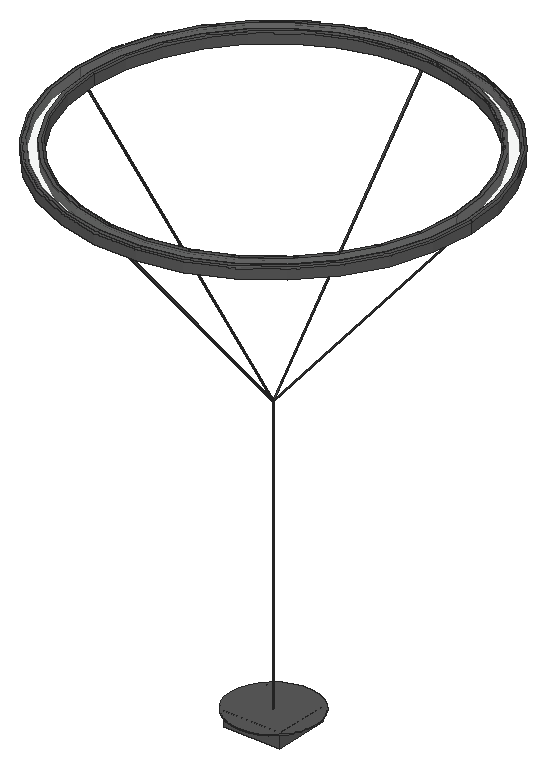
Revit family "Lighting_Round_LED_StarTek_Halo-Direct-Indirect1", category Lighting Fixtures, host Face, Revit 2020
Family settings
  Host = Face
  Round Connector Dimension = Use Diameter
  Part Type = Normal
  OmniClass Number = 23.80.70.11
  OmniClass Title = Luminaries for Internal Lighting
  Cut with Voids When Loaded = No
  Light Source = Yes
  Shared = No
  Room Calculation Point = No
Parameters (values of type "Default - please load Revit Family Type Catalog")
  Weight = 0.00 lbf
  Wattage Comments = "Efficacy up to 120 lm/W"
  Wattage = 115.942 W
  Voltage Range = "120-277V"  # constant formula
  built-in parameter 1150110 = 1 (stored number, unit not read)
  Voltage = 120 V
  URL = "https://starteklightingamerica.com/"
  Type Comments = ""
  built-in parameter 1114217 = 1 (stored number, unit not read)
  Tilt Angle = 90.00°  # constant formula
  built-in parameter 1150109 = 1 (stored number, unit not read)
  built-in parameter 1150134 = (empty or 0)
  built-in parameter 1150113 = 1 (stored number, unit not read)
  Product data url = "https://bimobject.com/startek-lighting/product/halo-direct-indirect"
  Product Material [instance] = StarTek Lighting - Aluminum - Powder Coat Black
  Power Factor = 0.93
  Photometric Web File = "Generic Light Source Shown : Please download and link the IES file that best matches your fixture specification"
  Photometric Note = "Import IES files https://starteklightingamerica.com/"  # constant formula
  Phase = 1
  Output = "High"
  Number of Poles = 1
  Mounting [instance] = Cord Mounting : PCx (Powered Canopy)
  Mount Finish Note [instance] = "Canopies can be ordered in White (W) or Black (B)"  # constant formula
  Mount Finish [instance] = StarTek Lighting - Aluminum - Powder Coat Black
  Model = ""
  Min Cord/Rod Length [instance] = Diameter / sqrt(3) + 0' 1"  # 2' - 4.71281"
  Max Cord/Rod Length [instance] = 5' - 0"  # constant formula
  Manufacturer = "StarTek Lighting"  # constant formula
  MEP distance [instance] = 0' - 0"  # constant formula
  Input Wattage = 24.1 W
  Emit from Circle Diameter = Diameter  # 4' - 0"
  Distribution = "SD - SatinIce Diffuse"
  Diameter = 4' - 0"
  Cord/Rod Length [instance] = 5' - 0"
  Cord distance [instance] = if([2' Fixtures], 1' 10", if([3' Fixtures], 2' 10", 3' 10"))  # 3' - 10"
  built-in parameter 1150105 = 1273.2 (stored number, unit not read)
  Lumens = 16000 lm
  built-in parameter 1150115 = 1 (stored number, unit not read)
  built-in parameter 1150137 = (empty or 0)
  built-in parameter 1150139 = (empty or 0)
  built-in parameter 1150112 = 1 (stored number, unit not read)
  built-in parameter 1150114 = 1 (stored number, unit not read)
  Lamp = "LED"  # constant formula
  Keynote = "16500"
  built-in parameter 1150132 = 2
  built-in parameter 1150102 = (empty or 0)
  built-in parameter 1150107 = 3000 (stored number, unit not read)
  built-in parameter 1150138 = (empty or 0)
  built-in parameter 1150106 = 12.732 (stored number, unit not read)
  Height = 0' - 1 87/256"  # constant formula
  Frequency = 0 Hz
  Description = "Halo Direct/Indirect"  # constant formula
  Emit Shape Visible in Rendering = 2 < 1  # no
  built-in parameter 1150104 = 12.821 (stored number, unit not read)
  Dimming Lamp Color Temperature Shift = <None>
  Default Elevation = 4' - 0"
  Cord/rod length parameter [instance] = if([Cord/Rod Length] < [Min Cord/Rod Length], [Min Cord/Rod Length], if([Cord/Rod Length] > [Max Cord/Rod Length], [Max Cord/Rod Length], [Cord/Rod Length]))  # 5' - 0"
  Color Filter = 16777215
  Color [instance] = "Available options: Powder coat white (PW), Powder coat black (PB), Powder coat silver (PS), Powder coat bronze (PBR), Powder coat other (PO)"  # constant formula
  CRI = "80"
  built-in parameter 1114218 = 1 (stored number, unit not read)
  built-in parameter 1150133 = 10 (stored number, unit not read)
  Assembly Code = "D5020200"
  Apparent Load = Input Wattage / (Number of Poles * Power Factor)  # 25.914 VA
  4' Fixtures = not(or([2' Fixtures], [3' Fixtures]))  # yes
  3' Fixtures = Diameter = 3' 0"  # no
  2' Fixtures = Diameter = 2' 0"  # no
  ****Power Options = "This fixture has direct fixture power or remote power.  PCX - Powered Canopy. RSMX - Remote Surface Mount or RIWX - Remote in Wall. Available in White (W) or Black (B)."  # constant formula
Reference planes (in)
  plane 1 "Center (Front/Back)": y = 0
  plane 2: z = 0
  plane 3 "Center (Left/Right)": x = 0
  plane 4: z = 60
  plane 5: y = 1.5
  plane 6: y = -1.5
  plane 7: z = 0.5
  plane 8: x = 2
  plane 9: x = -2
  plane 10: y = -2
  plane 11: y = 2
  plane 12: x = 0
Forms (in)
  Extrusion 1, solid, not visible
    sketch origin (3.75, 0, -0.03147) x (1, 0, 0) y (0, 0, 1)
      loop
        line (-3.78147, 0.03147) -> (-3.78147, -0.03147) -> (-3.71853, -0.03147) -> (-3.71853, 0.03147) -> (-3.78147, 0.03147)
    from -0.01298 to 0.01043
Lines and regions (in)
  Masking region 1
    outline origin (0, 0, 0) x (1, 0, 0) y (0, 1, 0)
      loop
        circle (0, 0) r 4
Dimensions and locks (in)
  locked: plane 4 to imposter light at 2.31677
  "Cord/rod length parameter": plane 4 to plane 2
  Extrusion 1 sketch curve to level to Extrusion 1 sketch curve = 0' - 0", 0' - 0.06295"
  Extrusion 1 to plane 1 "Center (Front/Back)" to Extrusion 1 = 0' - 0.01298" locked, 0' - 0.01043" locked
  equal spacing: plane 5, plane 1 "Center (Front/Back)", plane 6
  locked: plane 5 to plane 1 "Center (Front/Back)" at 1.5
  plane 7 to plane 2 = 0' - 0 1/2"
  plane 8 to plane 3 "Center (Left/Right)" to plane 9 = 0' - 2" locked, 0' - 2" locked
  plane 11 to plane 1 "Center (Front/Back)" to plane 10 = 0' - 2" locked, 0' - 2" locked
  "MEP distance": plane 3 "Center (Left/Right)" to plane 12
  Extrusion 1 to plane 12 to Extrusion 1 = 0' - 0.03147" locked, 0' - 0.03147" locked
  aligned and locked: plane 2 to host face
  aligned and locked: level to host face
  aligned and locked: plane 4 to nested 2
  aligned and locked: nested 2 to plane 1 "Center (Front/Back)"
  aligned and locked: plane 3 "Center (Left/Right)" to nested 1
  aligned and locked: plane 1 "Center (Front/Back)" to nested 1
  aligned and locked: plane 12 to nested 2
Automatic sketch dimensions
  host sketch curve to host sketch curve = 8' - 0"  (x2)
  Extrusion 1 sketch curve to plane 3 "Center (Left/Right)" = 0' - 0.03147"
  plane 3 "Center (Left/Right)" to Extrusion 1 sketch curve = 0' - 0.03147"
  plane 1 "Center (Front/Back)" to Masking region 1 sketch curve = 0' - 0"
  Masking region 1 sketch curve to plane 3 "Center (Left/Right)" = 0' - 0"
  radius of Masking region 1 sketch curve = 0' - 4"
Nested families (in)
  nested 1: "Cord Mounting" at (0, 0, 0), type <- "Mounting", type "PCx (Powered Canopy)"
    with Cord material StarTek Lighting - Aluminum - Powder Coat Black, Cord length control 5' - 0", Cord length 5' - 0"
  nested 2: "Halo" at (0, 0, 60) x (-1, 0, 0) z (0, 0, 1), Lamp Finish <- "Product Material", type "Default"
    with Lamp Finish StarTek Lighting - Aluminum - Powder Coat Black, 4' Fixtures no
Connectors (in)
  electrical at (0, 0.00127, 0), driven by "Number of Poles", driven by "Voltage", driven by "Apparent Load", driven by "Power Factor", driven by "Apparent Load"
    settings: on Extrusion 1, index 1, voltage 120 V, apparent load 25.914 VA, apparent load phase1 25.914 VA, apparent load phase2 0 VA, apparent load phase3 0 VA, power factor 0.93, load classification "Other", number of poles 1, system type 30, power factor state 1, is connector primary yes, connector utility no, sub classification motor no, connector description "Power supply"
Definition of nested family "Cord Mounting"
  Parameters (values of type "RSMx ( Remote Surface Mount with Canopy)")
    notPC = not(PC)  # yes
    PC = no
    Mount Material = none
    H = D / sqrt(3)  # 2' - 2.55811"
    Default Elevation = 4' - 0"
    D = 3' - 10"
    Cord material [instance] = none
    MAX cord length = 5' - 0"
    Cord length control [instance] = if(Cord length < 0' 2 1/2", 0' 2 1/2", Cord length)  # 5' - 0"
    Cord length = 5' - 0"
  Types (3): name | notPC | PC | Cord length control | Cord length
    PCx (Powered Canopy) | no | yes | 3' - 0" | 3' - 0"
    RSMx ( Remote Surface Mount with Canopy) | yes | no | 5' - 0" | 5' - 0"
    RIWx ( Remote In-wall with Canopy) | yes | no | 5' - 0" | 5' - 0"
  Reference planes (in)
    plane 1 "Center (Front/Back)": y = 0
    plane 2: z = 0
    plane 3 "Center (Left/Right)": x = 0
    plane 4 "canopy plane": z = 60
    plane 5: x = 23
    plane 6: x = -23
    plane 7: y = -23
    plane 8: y = 23
    plane 9: through (161.22035, -93.3381, 44.96202) normal (0.7071, 0.7071, 0)
    plane 10: through (128.69343, -125.86501, 44.96202) normal (0.7071, 0.7071, 0)
    plane 11: through (33.94113, -33.94113, 45.45949) normal (0.7071, -0.7071, 0)
    plane 12: through (1.41421, -1.41421, 45.45949) normal (0.7071, -0.7071, 0)
    plane 13 "x": through (143.809, -108.45366, 44.96202) normal (0.7071, 0.7071, 0)
    plane 14 "y": through (17.67767, -17.67767, 45.45949) normal (0.7071, -0.7071, 0)
    plane 15: y = 3.25
    plane 16: y = -3.25
    plane 17: z = 0.0478
  Forms (in)
    Extrusion 1, solid, material <- "Mount Material", visible <- "notPC"
      sketch origin (0, 0, 0) x (-1, 0, 0) y (0, -1, 0)
        loop
          circle (0, 0) r 2.5
      from 0 to 0.285
    Extrusion 2, solid, material <- "Cord material", not visible
      sketch origin (0, 0, 36) x (-1, 0, 0) y (0, -1, 0)
        loop
          circle (0, 0) r 2.5
      from 0 to -0.19141
    Extrusion 3, solid, material <- "Mount Material", visible <- "PC"
      sketch origin (0, 0, 0) x (1, 0, 0) y (0, 0, 1)
        loop
          line (-3.3478, -1.675) -> (3.3478, -1.675) -> (3.3478, 0) -> (-3.3478, 0) -> (-3.3478, -1.675)
      from 3.25 to -3.25
    Extrusion 4, solid, material <- "Mount Material", visible <- "PC"
      sketch origin (0, 0, 36) x (-1, 0, 0) y (0, -1, 0)
        loop
          circle (0, 0) r 5.125
      from -35.9522 to -36
  Dimensions and locks (in)
    "Cord length control": plane 4 "canopy plane" to plane 2
    equal spacing: plane 5, plane 3 "Center (Left/Right)", plane 6
    "D": plane 5 to plane 6
    equal spacing: plane 8, plane 1 "Center (Front/Back)", plane 7
    "D": plane 8 to plane 7
    equal spacing: plane 9, plane 13 "x", plane 10
    equal spacing: plane 12, plane 14 "y", plane 11
    "D": plane 9 to plane 10
    "D": plane 12 to plane 11
    equal spacing: plane 15, plane 1 "Center (Front/Back)", plane 16
    plane 15 to plane 16 = 0' - 6 1/2"
    locked: plane 17 to level at 0.0478
    aligned and locked: plane 2 to level
    aligned and locked: plane 3 "Center (Left/Right)" to nested 1
    aligned and locked: plane 1 "Center (Front/Back)" to nested 1
    aligned and locked: Extrusion 1 to level
    aligned and locked: Extrusion 4 to level
  Automatic sketch dimensions
    plane 1 "Center (Front/Back)" to Extrusion 1 sketch curve = 0' - 0"
    Extrusion 1 sketch curve to plane 3 "Center (Left/Right)" = 0' - 0"
    Extrusion 3 sketch curve to level = 0' - 0"
    Extrusion 3 sketch curve to plane 3 "Center (Left/Right)" = 0' - 3.3478"
    plane 3 "Center (Left/Right)" to Extrusion 3 sketch curve = 0' - 3.3478"
    Extrusion 3 sketch curve to Extrusion 3 sketch curve = 0' - 1.675"
    plane 1 "Center (Front/Back)" to Extrusion 4 sketch curve = 0' - 0"
    Extrusion 4 sketch curve to plane 3 "Center (Left/Right)" = 0' - 0"
    radius of Extrusion 2 sketch curve = 0' - 2 1/2"
    radius of Extrusion 1 sketch curve = 0' - 2 1/2"
    radius of Extrusion 4 sketch curve = 0' - 5 1/8"
  Nested families (in)
    nested 1: "Cord/rod Nest" at (0, 0, 0), Cord length <- "Cord length control", Cord material <- "Cord material", type "Cord"
      with Cord material none, Cord length control 5' - 0", Cord length 5' - 0", H 2' - 2.55811", D 3' - 10"
  Definition of nested family "Cord/rod Nest"
    Parameters (values of type "Cord")
      TM = no
      H = 1' - 7.62991"
      Default Elevation = 4' - 0"
      D = 2' - 10"
      Cord material [instance] = none
      MAX cord length = 5' - 0"
      Cord length control [instance] = if(Cord length < 0' 2 1/2", 0' 2 1/2", Cord length)  # 3' - 0"
      Cord length [instance] = 3' - 0"
      Canopy = no
    Types (9): name | H | D | MAX cord length | Cord length control | Cord length | Canopy
      ACW05-White 5' | 1' - 0" | 8' - 0" | 5' - 0" | 3' - 0" | 3' - 0" | yes
      ACW10-White 10' | 1' - 0" | 8' - 0" | 10' - 0" | 3' - 0" | 3' - 0" | yes
      ACB05-Black 5' | 1' - 0" | 8' - 0" | 5' - 0" | 3' - 0" | 3' - 0" | yes
      ACB10-Black 10' | 1' - 0" | 8' - 0" | 10' - 0" | 3' - 0" | 3' - 0" | yes
      APW05-White 5' | 1' - 0" | 8' - 0" | 5' - 0" | 3' - 0" | 3' - 0" | yes
      APW10-White 10' | 1' - 0" | 8' - 0" | 10' - 0" | 3' - 0" | 3' - 0" | yes
      APB05-Black 5' | 1' - 0" | 8' - 0" | 5' - 0" | 6' - 0" | 6' - 0" | yes
      APB10-Black 10' | 1' - 0" | 8' - 0" | 10' - 0" | 3' - 0" | 3' - 0" | yes
      Cord | 1' - 7.62991" | 2' - 10" | 5' - 0" | 3' - 0" | 3' - 0" | no
    Reference planes (in)
      plane 1 "Center (Front/Back)": y = 0
      plane 2: z = 0
      plane 3 "Center (Left/Right)": x = 0
      plane 4 "canopy plane": z = 36
      plane 5: z = 16.37009
      plane 6: x = 17
      plane 7: x = -17
      plane 8: y = -17
      plane 9: y = 17
      plane 10 "x": through (-48, 48, 48) normal (0.7071, 0.7071, 0)
      plane 11 "y": through (48, 48, 48) normal (0.7071, -0.7071, 0)
      plane 12: through (-35.97918, 60.02082, 48) normal (0.7071, 0.7071, 0)
      plane 13: through (-60.02082, 35.97918, 48) normal (0.7071, 0.7071, 0)
      plane 14: through (35.97918, 60.02082, 48) normal (0.7071, -0.7071, 0)
      plane 15: through (60.02082, 35.97918, 48) normal (0.7071, -0.7071, 0)
    Forms (in)
      Extrusion 1, solid, material <- "Cord material"
        sketch origin (0, 0, 0) x (1, 0, 0) y (0, 1, 0)
          loop
            circle (0, 0) r 0.09375
        from 0 to 16.37009
      Extrusion 2, solid, material <- "Cord material", visible <- "Canopy", not visible
        sketch origin (0, 0, 36) x (-1, 0, 0) y (0, -1, 0)
          loop
            circle (0, 0) r 2.5
        from 0 to -0.19141
      Sweep 3, solid, material <- "Cord material"
        path origin (0, 0, 0) x (1, 0, 0) y (0, 0, 1)
          loop
            line (0, 16.37009) -> (17, 36)
        profile origin (8.5, 0, 26.18505) x (-0.755929, 0, 0.654654) y (0, -1, 0)
          loop
            spline (0.0701, 0) -> (0.06771, 0.02426) -> (0.0607, 0.04687) -> (0.04956, 0.06629) -> (0.03505, 0.08119) -> (0.01814, 0.09056) -> (0, 0.09375) -> (-0.01814, 0.09056) -> (-0.03505, 0.08119) -> (-0.04956, 0.06629) -> (-0.0607, 0.04688) -> (-0.06771, 0.02426) -> (-0.0701, 0)
            spline (-0.0701, 0) -> (-0.06771, -0.02426) -> (-0.0607, -0.04687) -> (-0.04956, -0.06629) -> (-0.03505, -0.08119) -> (-0.01814, -0.09056) -> (0, -0.09375) -> (0.01814, -0.09056) -> (0.03505, -0.08119) -> (0.04956, -0.06629) -> (0.0607, -0.04688) -> (0.06771, -0.02426) -> (0.0701, 0)
      Sweep 4, solid, material <- "Cord material"
        path origin (0, 0, 0) x (1, 0, 0) y (0, 0, 1)
          loop
            line (0, 16.37009) -> (-17, 36)
        profile origin (-8.5, 0, 26.18505) x (-0.755929, 0, -0.654654) y (0, -1, 0)
          loop
            spline (0.0701, 0) -> (0.06771, 0.02426) -> (0.0607, 0.04687) -> (0.04956, 0.06629) -> (0.03505, 0.08119) -> (0.01814, 0.09056) -> (0, 0.09375) -> (-0.01814, 0.09056) -> (-0.03505, 0.08119) -> (-0.04956, 0.06629) -> (-0.0607, 0.04688) -> (-0.06771, 0.02426) -> (-0.0701, 0)
            spline (-0.0701, 0) -> (-0.06771, -0.02426) -> (-0.0607, -0.04687) -> (-0.04956, -0.06629) -> (-0.03505, -0.08119) -> (-0.01814, -0.09056) -> (0, -0.09375) -> (0.01814, -0.09056) -> (0.03505, -0.08119) -> (0.04956, -0.06629) -> (0.0607, -0.04688) -> (0.06771, -0.02426) -> (0.0701, 0)
      Sweep 5, solid, material <- "Cord material"
        path origin (0, 0, 0) x (0, 1, 0) y (0, 0, 1)
          loop
            line (-17, 36) -> (0, 16.37009)
        profile origin (0, -8.5, 26.18505) x (0, 0.755929, 0.654654) y (1, 0, 0)
          loop
            spline (0, 0.09375) -> (-0.01814, 0.09056) -> (-0.03505, 0.08119) -> (-0.04956, 0.06629) -> (-0.0607, 0.04687) -> (-0.06771, 0.02426) -> (-0.0701, 0) -> (-0.06771, -0.02426) -> (-0.0607, -0.04688) -> (-0.04956, -0.06629) -> (-0.03505, -0.08119) -> (-0.01814, -0.09056) -> (0, -0.09375)
            spline (0, -0.09375) -> (0.01814, -0.09056) -> (0.03505, -0.08119) -> (0.04956, -0.06629) -> (0.0607, -0.04687) -> (0.06771, -0.02426) -> (0.0701, 0) -> (0.06771, 0.02426) -> (0.0607, 0.04688) -> (0.04956, 0.06629) -> (0.03505, 0.08119) -> (0.01814, 0.09056) -> (0, 0.09375)
      Sweep 6, solid, material <- "Cord material"
        path origin (0, 0, 0) x (0, 1, 0) y (0, 0, 1)
          loop
            line (0, 16.37009) -> (17, 36)
        profile origin (0, 8.5, 26.18505) x (0, -0.755929, 0.654654) y (1, 0, 0)
          loop
            spline (0, 0.09375) -> (-0.01814, 0.09056) -> (-0.03505, 0.08119) -> (-0.04956, 0.06629) -> (-0.0607, 0.04688) -> (-0.06771, 0.02426) -> (-0.0701, 0) -> (-0.06771, -0.02426) -> (-0.0607, -0.04687) -> (-0.04956, -0.06629) -> (-0.03505, -0.08119) -> (-0.01814, -0.09056) -> (0, -0.09375)
            spline (0, -0.09375) -> (0.01814, -0.09056) -> (0.03505, -0.08119) -> (0.04956, -0.06629) -> (0.0607, -0.04688) -> (0.06771, -0.02426) -> (0.0701, 0) -> (0.06771, 0.02426) -> (0.0607, 0.04687) -> (0.04956, 0.06629) -> (0.03505, 0.08119) -> (0.01814, 0.09056) -> (0, 0.09375)
    Dimensions and locks (in)
      "Cord length control": plane 4 "canopy plane" to plane 2
      "H": plane 4 "canopy plane" to plane 5
      equal spacing: plane 6, plane 3 "Center (Left/Right)", plane 7
      "D": plane 6 to plane 7
      equal spacing: plane 9, plane 1 "Center (Front/Back)", plane 8
      "D": plane 9 to plane 8
      equal spacing: plane 12, plane 10 "x", plane 13
      "D": plane 12 to plane 13
      equal spacing: plane 14, plane 11 "y", plane 15
      "D": plane 15 to plane 14
      aligned and locked: plane 2 to level
      aligned and locked: Extrusion 1 to plane 5
      aligned and locked: plane 4 "canopy plane" to Sweep 3 sketch curve
      aligned and locked: plane 6 to Sweep 3 sketch curve
      aligned and locked: plane 5 to Sweep 3 sketch curve
      aligned and locked: plane 3 "Center (Left/Right)" to Sweep 3 sketch curve
      aligned and locked: plane 4 "canopy plane" to Sweep 4 sketch curve
      aligned and locked: plane 7 to Sweep 4 sketch curve
      aligned and locked: plane 5 to Sweep 4 sketch curve
      aligned and locked: plane 3 "Center (Left/Right)" to Sweep 4 sketch curve
      aligned and locked: plane 5 to Sweep 5 sketch curve
      aligned and locked: plane 1 "Center (Front/Back)" to Sweep 5 sketch curve
      aligned and locked: plane 4 "canopy plane" to Sweep 5 sketch curve
      aligned and locked: plane 8 to Sweep 5 sketch curve
      aligned and locked: plane 4 "canopy plane" to Sweep 6 sketch curve
      aligned and locked: plane 9 to Sweep 6 sketch curve
      aligned and locked: plane 5 to Sweep 6 sketch curve
      aligned and locked: plane 1 "Center (Front/Back)" to Sweep 6 sketch curve
    Automatic sketch dimensions
      plane 1 "Center (Front/Back)" to Extrusion 1 sketch curve = 0' - 0"
      Extrusion 1 sketch curve to plane 3 "Center (Left/Right)" = 0' - 0"
      plane 1 "Center (Front/Back)" to Sweep 3 sketch curve = 0' - 0"
      Sweep 3 sketch curve to profile plane = 0' - 0"
      profile plane to Sweep 3 sketch curve = 0' - 0.0701"
      Sweep 3 sketch curve to plane 1 "Center (Front/Back)" = 0' - 0 3/32"
      Sweep 3 sketch curve to Sweep 3 sketch curve = 0' - 0"
      plane 1 "Center (Front/Back)" to Sweep 4 sketch curve = 0' - 0"
      Sweep 4 sketch curve to profile plane = 0' - 0"
      profile plane to Sweep 4 sketch curve = 0' - 0.0701"
      plane 1 "Center (Front/Back)" to Sweep 4 sketch curve = 0' - 0 3/32"
      Sweep 4 sketch curve to Sweep 4 sketch curve = 0' - 0"
      Sweep 5 sketch curve to profile plane = 0' - 0"
      Sweep 5 sketch curve to plane 3 "Center (Left/Right)" = 0' - 0"
      Sweep 5 sketch curve to plane 3 "Center (Left/Right)" = 0' - 0 3/32"
      Sweep 6 sketch curve to profile plane = 0' - 0"
      Sweep 6 sketch curve to plane 3 "Center (Left/Right)" = 0' - 0"
      Sweep 6 sketch curve to plane 3 "Center (Left/Right)" = 0' - 0 3/32"
      radius of Extrusion 1 sketch curve = 0' - 0 3/32"
      radius of Extrusion 2 sketch curve = 0' - 2 1/2"
Definition of nested family "Halo"
  Parameters (values of type "Default")
    URL = "https://starteklightingamerica.com/"
    Model = "Halo Direct"
    Manufacturer = "StarTek Lighting"
    Lens Finish = none
    Lamp Finish [instance] = none
    Keynote = ""
    Height = 0' - 0"
    Diameter = if([2' Fixtures], 2' 0", if([3' Fixtures], 3' 0", 4' 0"))  # 4' - 0"
    Description = "2’, 3’ and 4’ diameter fixtures available\r\nEfficacy up to 120 lm/W\r\nSoft diffuse direct lighting\r\nPowder coat finishes available in white, black and silver\r\nProprietary optical band provides seamless light the entire length of the lens\r\nCustom colors available upon request*\r\nApproved for dry and damp locations\r\n0-10v dimming is standard\r\nDim to 1% of output current\r\nAvailable in 120v or 277v"
    Assembly Code = ""
    4' Fixtures = yes
    3' Fixtures = no
    2' Fixtures = no
  Reference planes (in)
    plane 1 "Light Source Axis (F/B)": y = 0
    plane 2 "Ceiling": z = 0
    plane 3 "Light Source Axis (L/R)": x = 0
    plane 4 "Light Source Elevation": z = 0
  Forms (in)
    Sweep 1, solid, material <- "Lamp Finish", detail levels coarse
      path origin (0, 0, 0) x (1, 0, 0) y (0, 1, 0)
        loop
          circle (0, 0) r 24
      profile origin (0, 24, 0) x (0, -1, 0) y (0, 0, 1)
        loop
          line (0, 0) -> (2.26, 0) -> (2.26, 1.34) -> (0, 1.34) -> (0, 0)
    Sweep 2, solid, material <- "Lamp Finish", detail levels medium+fine
      path origin (0, 0, 0) x (1, 0, 0) y (0, 1, 0)
        loop
          circle (0, 0) r 24
      profile origin (0, 24, 0) x (0, -1, 0) y (0, 0, 1)
        loop
          line (0, 1.19) -> (0, 0) -> (0.1, 0) -> (0.1, 0.3) -> (0.53, 0.3) -> (0.53, 1.34) -> (0.15, 1.34)
          arc (0.15, 1.34) -> (0.04393, 1.29607) -> (0, 1.19) r 0.15
        loop
          line (2.26, 0) -> (2.26, 1.19)
          arc (2.26, 1.19) -> (2.21607, 1.29607) -> (2.11, 1.34) r 0.15
          line (2.11, 1.34) -> (1.73, 1.34) -> (1.73, 0.3) -> (2.16, 0.3) -> (2.16, 0) -> (2.26, 0)
    Sweep 3, solid, material <- "Lens Finish", detail levels medium+fine
      path origin (0, 0, 0) x (1, 0, 0) y (0, 1, 0)
        loop
          circle (0, 0) r 24
      profile origin (0, 24, 0) x (0, -1, 0) y (0, 0, 1)
        loop
          line (2.13, 0.175) -> (2.13, 0.3) -> (0.13, 0.3) -> (0.13, 0.175) -> (2.13, 0.175)
    Sweep 4, solid, material <- "Lens Finish", detail levels medium+fine
      path origin (0, 0, 0) x (1, 0, 0) y (0, 1, 0)
        loop
          circle (0, 0) r 24
      profile origin (0, 24, 0) x (0, -1, 0) y (0, 0, 1)
        loop
          line (0.53, 1.34) -> (0.53, 1.14) -> (1.73, 1.14) -> (1.73, 1.34) -> (0.53, 1.34)
  Lines and regions (in)
    Masking region 1
      outline origin (0, 0, 0) x (1, 0, 0) y (0, 1, 0)
        loop
          circle (0, 0) r 24
        loop
          circle (0, 0) r 21.74
    symbolic lines, detail levels medium+fine
      curve 1: circle (0, 0, 0) r 23.47 normal (0, 0, 1)
      curve 2: circle (0, 0, 0) r 22.27 normal (0, 0, 1)
  Dimensions and locks (in)
    equal spacing: host sketch curve, plane 3 "Light Source Axis (L/R)", host sketch curve
    equal spacing: host sketch curve, plane 1 "Light Source Axis (F/B)", host sketch curve
    host sketch curve to host sketch curve = 10' - 0"  (x2)
    "Diameter": diameter of Sweep 1 sketch curve
    "Diameter": diameter of Sweep 2 sketch curve
    "Diameter": diameter of Sweep 3 sketch curve
    "Diameter": diameter of Sweep 4 sketch curve
    aligned and locked: plane 3 "Light Source Axis (L/R)" to Sweep 1 sketch curve
    aligned and locked: plane 1 "Light Source Axis (F/B)" to Sweep 1 sketch curve
    aligned and locked: Masking region 1 sketch curve to Sweep 1  (x2)
  Automatic sketch dimensions
    Sweep 1 sketch curve to level = 0' - 0"
    Sweep 1 sketch curve to profile plane = 0' - 0"
    Sweep 1 sketch curve to Sweep 1 sketch curve = 0' - 2.26"
    level to Sweep 1 sketch curve = 0' - 1.34"
    Sweep 2 sketch curve to level = 0' - 0"  (x2)
    Sweep 2 sketch curve to profile plane = 0' - 0"
    Sweep 2 sketch curve to Sweep 2 sketch curve = 0' - 0.1"  (x2)
    Sweep 2 sketch curve to Sweep 2 sketch curve = 0' - 0.15"
    Sweep 2 sketch curve to Sweep 2 sketch curve = 0' - 0.43"  (x2)
    Sweep 2 sketch curve to Sweep 2 sketch curve = 0' - 1.2"
    Sweep 2 sketch curve to Sweep 2 sketch curve = 0' - 0.38"
    level to Sweep 2 sketch curve = 0' - 0.3"  (x2)
    Sweep 2 sketch curve to Sweep 2 sketch curve = 0' - 0.89"  (x2)
    Sweep 3 sketch curve to profile plane = 0' - 0.13"
    level to Sweep 3 sketch curve = 0' - 0.3"
    Sweep 3 sketch curve to Sweep 3 sketch curve = 0' - 0 1/8"
    Sweep 4 sketch curve to profile plane = 0' - 0.53"
    Sweep 4 sketch curve to Sweep 4 sketch curve = 0' - 1.2"
    Sweep 4 sketch curve to Sweep 4 sketch curve = 0' - 0.2"
    level to Sweep 4 sketch curve = 0' - 1.14"
    Sweep 3 sketch curve to Sweep 3 sketch curve = 0' - 2"
    curve 1 to curve 2 = 0' - 0"  (x2)
    plane 1 "Light Source Axis (F/B)" to curve 2 = 0' - 0"
    curve 2 to plane 3 "Light Source Axis (L/R)" = 0' - 0"
    plane 1 "Light Source Axis (F/B)" to Sweep 2 sketch curve = 0' - 0"
    Sweep 2 sketch curve to plane 3 "Light Source Axis (L/R)" = 0' - 0"
    plane 1 "Light Source Axis (F/B)" to Sweep 3 sketch curve = 0' - 0"
    Sweep 3 sketch curve to plane 3 "Light Source Axis (L/R)" = 0' - 0"
    plane 1 "Light Source Axis (F/B)" to Sweep 4 sketch curve = 0' - 0"
    Sweep 4 sketch curve to plane 3 "Light Source Axis (L/R)" = 0' - 0"
    radius of curve 1 = 1' - 11.47"
    radius of curve 2 = 1' - 10.27"
